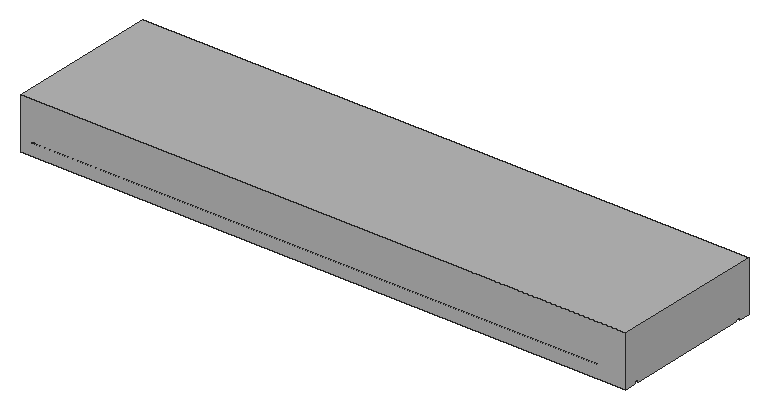
Revit family "WC449 Flat Top", category Generic Models, Revit 2020
Family settings
  Can host rebar = No
  Round Connector Dimension = Use Diameter
  Part Type = Normal
  Work Plane-Based = No
  Always vertical = Yes
  Cut with Voids When Loaded = No
  Shared = No
  Room Calculation Point = No
Parameters
  Weight = "86Kg"
  Warranty Guarantor Parts = "n/a"
  Warranty Guarantor Labour = "n/a"
  Warranty Duration Unit = "n/a"
  Warranty Duration Parts = "n/a"
  Warranty Duration Labour = "n/a"
  Warranty Description = "n/a"
  Unit Width [instance] = 300 mm
  Unit Length [instance] = 1190 mm
  Unit Height [instance] = 100 mm
  URL = "www.killeshal.com"
  Types = "Single"
  Type Comments = "Visit our website for a full list of available products."
  Sustainability Performance = "n/a"
  Structural Class = "n/a"
  Span = "Unit Length"
  Slope = "0.00°"
  Size = "300mm x 100mm Flat Top"
  Shape = "As per drawing"
  Service Life = "0.000000"
  Serial Number = "n/a"
  Resistance to Fire = "n/a"
  Replacement Cost = "n/a"
  Reference = "n/a"
  Notified Body = "n/a"
  Nominal Cover to Main Bar = "n/a"
  Model = "W/C 449 Wall Cap."
  Mechanical Resistance = "n/a"
  Manufacturer = "Killeshal Precast Concrete Ltd."
  Load Bearing = no
  Life Cycle Environmental Load = "n/a"
  Length Options = "Stock size 1190mm."
  Keynote = "The information contained is the sole property of KPC Ltd., any reproduction in part or whole without permission of KPC Ltd. is prohibited."
  Environmental Product Declaration = "n/a"
  Environmental Class = "n/a"
  Durability against Corrosion = "n/a"
  Dimension Accuracy Class = "n/a"
  Detailing = "As per design specification and product drawings."
  Description = "Flat Top Wall Cap"
  Default Elevation = 0 mm
  Dangerous Substances = "n/a"
  Contact Tel = "0035357 9353018"
  Contact Email = "sales@killeshal.com"
  Construction Type = "Precast"
  Construction Tolerance Class = "n/a"
  Compressive Strength of Concrete = "n/a"
  Characteristics of Reinforcing Steel = "n/a"
  Characteristics Deflection Under Load = "n/a"
Reference planes
  plane 1 "Center (Front/Back)": y = 0
  plane 2: z = 0
  plane 3 "Center (Left/Right)": x = 0
  plane 4 "Rear": y = 150
  plane 5 "Front": y = -150
  plane 6 "Top": z = 100
Forms (mm)
  Extrusion 1, solid, material "Precast Concrete (KPC)"
    sketch origin (0, 0, 0) x (0, 1, 0) y (0, 0, 1)
      loop
        line (-150, 100) -> (-150, 0) -> (-130, 0)
        arc (-130, 0) -> (-125, 5) -> (-120, 0) r 5
        line (-120, 0) -> (120, 0)
        arc (120, 0) -> (125, 5) -> (130, 0) r 5
        line (130, 0) -> (150, 0) -> (150, 100) -> (-150, 100)
    from 0 to 1190
Dimensions and locks
  "Unit Length": Extrusion 1 to Extrusion 1
  "Unit Width": Extrusion 1 to Extrusion 1
  "Unit Height": Extrusion 1 to Extrusion 1
  aligned and locked: level to plane 2
Automatic sketch dimensions
  Extrusion 1 sketch curve to plane 5 "Front" = 0 mm
  Extrusion 1 sketch curve to level = 0 mm
  Extrusion 1 sketch curve to plane 4 "Rear" = 0 mm
  Extrusion 1 sketch curve to plane 6 "Top" = 0 mm
  plane 5 "Front" to Extrusion 1 sketch curve = 20 mm
  Extrusion 1 sketch curve to Extrusion 1 sketch curve = 5 mm  (x2)
  Extrusion 1 sketch curve to Extrusion 1 sketch curve = 30 mm
